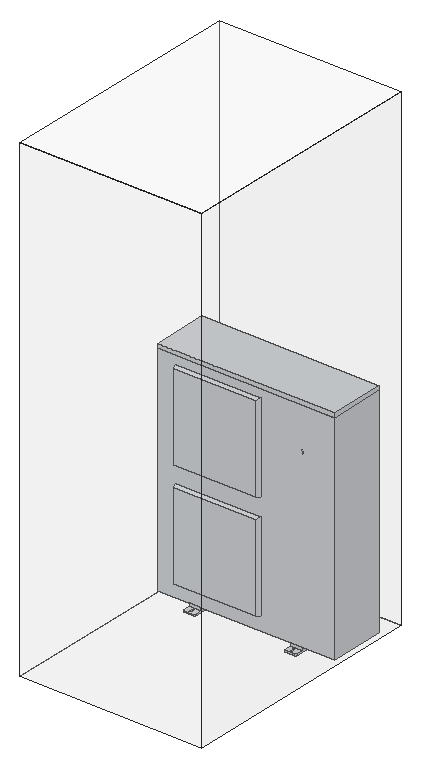
Revit family "pumy-frp80_280hm_50hz", category 機械設備, Revit 2019 (continued)
Definition of nested family "pumy3"
  Dimensions and locks
    aligned and locked: Blend 4 sketch curve to plane 41
    aligned and locked: Blend 4 sketch curve to plane 40
    aligned and locked: Blend 4 sketch curve to plane 46
    aligned and locked: Blend 4 sketch curve to plane 44
    aligned and locked: Blend 4 sketch curve to plane 45
    aligned and locked: Blend 4 sketch curve to plane 47
    aligned and locked: Blend 4 to plane 8
    aligned and locked: plane 37 to Blend 4
    aligned and locked: curve 17 to plane 48
    aligned and locked: curve 1 to plane 48
    aligned and locked: plane 48 to curve 19
    aligned and locked: curve 18 to plane 49
    aligned and locked: plane 49 to curve 2
    aligned and locked: plane 49 to curve 20
    aligned and locked: Blend 5 sketch curve to plane 63
    aligned and locked: Blend 5 sketch curve to plane 64
    aligned and locked: Blend 5 sketch curve to plane 41
    aligned and locked: Blend 5 sketch curve to plane 40
    aligned and locked: plane 44 to Blend 5 sketch curve
    aligned and locked: Blend 5 sketch curve to plane 45
    aligned and locked: Blend 5 sketch curve to plane 65
    aligned and locked: plane 66 to Blend 5 sketch curve
    aligned and locked: Blend 5 to plane 8
    aligned and locked: plane 37 to Blend 5
    aligned and locked: plane 22 to Extrusion 6 sketch curve
    aligned and locked: plane 21 to Extrusion 6 sketch curve
    aligned and locked: Extrusion 6 sketch curve to Extrusion 1  (x4)
    aligned and locked: Extrusion 6 sketch curve to plane 20
    aligned and locked: plane 23 to Extrusion 6
    aligned and locked: Extrusion 6 to level
    aligned and locked: plane 24 to Extrusion 7
    aligned and locked: Extrusion 7 to plane 25
    aligned and locked: Masking region 1 sketch curve to Extrusion 3  (x4)
    aligned and locked: Masking region 1 sketch curve to cut or joined group of Extrusion 1, Extrusion 6  (x8)
    aligned and locked: Masking region 1 sketch curve to Blend 5  (x3)
    aligned and locked: plane 50 to Extrusion 7 sketch curve
    aligned and locked: plane 51 to Extrusion 7 sketch curve
    aligned and locked: plane 68 to Extrusion 7 sketch curve
    aligned and locked: plane 69 to Extrusion 7 sketch curve
    aligned and locked: plane 70 to Extrusion 7 sketch curve
    aligned and locked: plane 71 to Extrusion 7 sketch curve
    aligned and locked: plane 67 to Extrusion 7 sketch curve  (x4)
  Automatic sketch dimensions
    plane 7 to Extrusion 1 sketch curve = 0 mm  (x2)
    Extrusion 1 sketch curve to plane 18 = 0 mm
    plane 8 to Extrusion 1 sketch curve = 0 mm  (x2)
    Extrusion 1 sketch curve to plane 19 = 0 mm
    Extrusion 1 sketch curve to plane 20 = 0 mm
    Extrusion 1 sketch curve to plane 21 = 0 mm
    curve 187 to curve 188 = 40 mm
    curve 186 to curve 190 = 13.333 mm
    curve 190 to curve 190 = 40 mm
    curve 186 to curve 193 = 0 mm
    curve 186 to curve 188 = 40 mm
    curve 188 to curve 191 = 0 mm
    curve 179 to curve 180 = 40 mm
    curve 178 to curve 182 = 120 mm
    curve 182 to curve 182 = 40 mm
    curve 178 to curve 185 = 0 mm
    curve 178 to curve 180 = 40 mm
    curve 182 to curve 183 = 40 mm
    curve 25 to plane 44 = 0 mm
    curve 24 to plane 44 = 0 mm
    curve 22 to plane 44 = 0 mm
    curve 23 to plane 44 = 0 mm
    curve 26 to plane 44 = 0 mm
    curve 21 to plane 44 = 0 mm
    curve 24 to plane 45 = 0 mm
    curve 25 to plane 45 = 0 mm
    curve 26 to plane 45 = 0 mm
    curve 23 to plane 45 = 0 mm
    curve 22 to plane 45 = 0 mm
    curve 21 to plane 45 = 0 mm
    curve 37 to plane 47 = 0 mm
    curve 52 to plane 47 = 0 mm
    curve 51 to plane 47 = 0 mm
    curve 50 to plane 47 = 0 mm
    curve 49 to plane 47 = 0 mm
    curve 48 to plane 47 = 0 mm
    curve 47 to plane 47 = 0 mm
    curve 46 to plane 47 = 0 mm
    curve 45 to plane 47 = 0 mm
    curve 44 to plane 47 = 0 mm
    curve 43 to plane 47 = 0 mm
    curve 42 to plane 47 = 0 mm
    curve 41 to plane 47 = 0 mm
    curve 27 to plane 47 = 0 mm
    curve 28 to plane 47 = 0 mm
    curve 40 to plane 47 = 0 mm
    curve 39 to plane 47 = 0 mm
    curve 29 to plane 47 = 0 mm
    curve 38 to plane 47 = 0 mm
    curve 30 to plane 47 = 0 mm
    curve 53 to plane 47 = 0 mm
    curve 31 to plane 47 = 0 mm
    curve 36 to plane 47 = 0 mm
    curve 32 to plane 47 = 0 mm
    curve 35 to plane 47 = 0 mm
    curve 33 to plane 47 = 0 mm
    curve 34 to plane 47 = 0 mm
    curve 28 to plane 46 = 0 mm
    curve 41 to plane 46 = 0 mm
    curve 27 to plane 46 = 0 mm
    curve 42 to plane 46 = 0 mm
    curve 31 to plane 46 = 0 mm
    curve 40 to plane 46 = 0 mm
    curve 37 to plane 46 = 0 mm
    curve 39 to plane 46 = 0 mm
    curve 32 to plane 46 = 0 mm
    curve 45 to plane 46 = 0 mm
    curve 36 to plane 46 = 0 mm
    curve 46 to plane 46 = 0 mm
    curve 43 to plane 46 = 0 mm
    curve 47 to plane 46 = 0 mm
    curve 29 to plane 46 = 0 mm
    curve 48 to plane 46 = 0 mm
    curve 30 to plane 46 = 0 mm
    curve 49 to plane 46 = 0 mm
    curve 44 to plane 46 = 0 mm
    curve 50 to plane 46 = 0 mm
    curve 33 to plane 46 = 0 mm
    curve 51 to plane 46 = 0 mm
    curve 35 to plane 46 = 0 mm
    curve 52 to plane 46 = 0 mm
    curve 38 to plane 46 = 0 mm
    curve 53 to plane 46 = 0 mm
    curve 34 to plane 46 = 0 mm
    plane 13 to curve 304 = 138 mm
    curve 304 to plane 45 = 0 mm
    curve 307 to plane 44 = 0 mm
    curve 306 to plane 44 = 0 mm
    curve 303 to plane 44 = 0 mm
    curve 308 to plane 44 = 0 mm
    curve 303 to plane 45 = 0 mm
    curve 306 to plane 45 = 0 mm
    curve 307 to plane 45 = 0 mm
    curve 308 to plane 45 = 0 mm
    curve 309 to plane 44 = 0 mm
    curve 309 to plane 45 = 0 mm
    curve 305 to plane 66 = 0 mm
    curve 305 to plane 65 = 0 mm
    curve 310 to plane 66 = 0 mm
    curve 310 to plane 65 = 0 mm
    curve 311 to plane 65 = 0 mm
    curve 311 to plane 66 = 0 mm
    curve 312 to plane 66 = 0 mm
    curve 312 to plane 65 = 0 mm
    curve 313 to plane 66 = 0 mm
    curve 313 to plane 65 = 0 mm
    curve 314 to plane 65 = 0 mm
    curve 314 to plane 66 = 0 mm
    curve 315 to plane 66 = 0 mm
    curve 315 to plane 65 = 0 mm
    curve 316 to plane 65 = 0 mm
    curve 316 to plane 66 = 0 mm
    curve 317 to plane 66 = 0 mm
    curve 317 to plane 65 = 0 mm
    curve 318 to plane 66 = 0 mm
    curve 318 to plane 65 = 0 mm
    curve 319 to plane 66 = 0 mm
    curve 319 to plane 65 = 0 mm
    curve 320 to plane 66 = 0 mm
    curve 320 to plane 65 = 0 mm
    curve 321 to plane 66 = 0 mm
    curve 321 to plane 65 = 0 mm
    curve 322 to plane 65 = 0 mm
    curve 322 to plane 66 = 0 mm
    curve 323 to plane 65 = 0 mm
    curve 323 to plane 66 = 0 mm
    curve 324 to plane 65 = 0 mm
    curve 324 to plane 66 = 0 mm
    curve 325 to plane 66 = 0 mm
    curve 325 to plane 65 = 0 mm
    curve 326 to plane 66 = 0 mm
    curve 326 to plane 65 = 0 mm
    curve 327 to plane 66 = 0 mm
    curve 327 to plane 65 = 0 mm
    curve 328 to plane 66 = 0 mm
    curve 328 to plane 65 = 0 mm
    curve 329 to plane 66 = 0 mm
    curve 329 to plane 65 = 0 mm
    curve 330 to plane 66 = 0 mm
    curve 330 to plane 65 = 0 mm
    curve 331 to plane 66 = 0 mm
    curve 331 to plane 65 = 0 mm
    curve 332 to plane 65 = 0 mm
    curve 332 to plane 66 = 0 mm
    curve 333 to plane 66 = 0 mm
    curve 333 to plane 65 = 0 mm
    curve 334 to plane 65 = 0 mm
    curve 334 to plane 66 = 0 mm
    curve 335 to plane 66 = 0 mm
    curve 335 to plane 65 = 0 mm
    Extrusion 6 sketch curve to plane 18 = 0 mm  (x2)
    plane 8 to Extrusion 6 sketch curve = 0 mm
    plane 22 to Extrusion 6 sketch curve = 0 mm  (x3)
    plane 16 to Extrusion 6 sketch curve = 0 mm  (x3)
    plane 17 to Extrusion 6 sketch curve = 0 mm  (x3)
    Extrusion 6 sketch curve to plane 15 = 0 mm  (x2)
    Extrusion 6 sketch curve to plane 19 = 0 mm  (x2)
    Extrusion 6 sketch curve to plane 14 = 0 mm  (x2)
    plane 7 to Extrusion 6 sketch curve = 0 mm
    Extrusion 6 sketch curve to plane 18 = 5 mm
    plane 15 to Extrusion 6 sketch curve = 6 mm  (x2)
    plane 19 to Extrusion 6 sketch curve = 5 mm
    Extrusion 6 sketch curve to plane 20 = 5 mm
    plane 14 to Extrusion 6 sketch curve = 6 mm  (x2)
    plane 21 to Extrusion 6 sketch curve = 5 mm
    plane 37 to Extrusion 6 sketch curve = 10 mm  (x2)
    plane 19 to Masking region 1 sketch curve = 0 mm
    plane 21 to Masking region 1 sketch curve = 0 mm
    plane 7 to Masking region 1 sketch curve = 0 mm  (x2)
    Masking region 1 sketch curve to plane 20 = 0 mm
    Masking region 1 sketch curve to plane 18 = 0 mm
    plane 8 to Masking region 1 sketch curve = 0 mm  (x2)
    plane 37 to Masking region 1 sketch curve = 0 mm
    curve 352 to plane 6 = 0 mm
    plane 7 to curve 352 = 0 mm
    curve 353 to plane 18 = 0 mm
    curve 348 to plane 18 = 0 mm
    plane 8 to curve 346 = 0 mm
    curve 354 to plane 19 = 0 mm
    curve 347 to plane 19 = 0 mm
    curve 345 to plane 40 = 0 mm
    plane 37 to curve 344 = 0 mm
    curve 344 to plane 45 = 0 mm
    curve 357 to plane 20 = 0 mm
    curve 343 to plane 20 = 0 mm
    curve 358 to plane 21 = 0 mm
    curve 341 to plane 21 = 0 mm
    curve 339 to plane 44 = 0 mm
    curve 339 to plane 41 = 0 mm
    curve 337 to plane 5 = 0 mm
    plane 22 to curve 354 = 0 mm
    plane 22 to curve 358 = 0 mm
    plane 18 to curve 352 = 28.157 mm
    plane 15 to curve 346 = 0.043 mm
    plane 21 to curve 338 = 11.963 mm
    curve 336 to plane 21 = 9.073 mm
    curve 344 to plane 21 = 22.105 mm
    plane 27 to curve 3 = 5 mm
    curve 3 to plane 44 = 38 mm
    curve 1 to plane 44 = 38 mm
    curve 3 to curve 5 = 0 mm
    curve 4 to plane 28 = 5 mm
    curve 2 to curve 16 = 15 mm
    plane 50 to curve 15 = 5 mm
    curve 341 to curve 342 = 23 mm
    plane 37 to curve 347 = 23 mm
    plane 37 to Extrusion 6 sketch curve = 18 mm  (x2)
    curve 20 to curve 14 = 17.5 mm
    curve 20 to plane 6 = 46 mm
    curve 12 to curve 6 = 0 mm
    curve 372 to curve 5 = 0 mm
    curve 11 to plane 6 = 78.5 mm
Definition of nested family "固定点"
  Parameters (values of type "固定点")
    中心円 = if(W > 599 mm, 12 mm, 10 mm)  # 12 mm
    W = 1000 mm
    D = 1000 mm
  Reference planes
    plane 1 "中心(正面/背面)": y = 0
    plane 2: z = 0
    plane 3 "中心(左/右)": x = 0
    plane 4: x = 1000
    plane 5: y = 1000
  Lines and regions (mm)
    symbolic lines, detail levels fine
      curve 1: circle (0, 1000, 0) r 6 normal (0, 0, 1)
      curve 2: circle (0, 0, 0) r 6 normal (0, 0, 1)
      curve 3: circle (1000, 1000, 0) r 6 normal (0, 0, 1)
      curve 4: circle (1000, 0, 0) r 6 normal (0, 0, 1)
      curve 5: line (-200, 1000, 0) -> (1200, 1000, 0)
      curve 6: line (-200, 0, 0) -> (1200, 0, 0)
      curve 7: line (0, 1200, 0) -> (0, -200, 0)
      curve 8: line (1000, 1200, 0) -> (1000, -200, 0)
  Dimensions and locks
    "W": plane 3 "中心(左/右)" to plane 4
    "D": plane 1 "中心(正面/背面)" to plane 5
    "中心円": diameter of curve 1
    "中心円": diameter of curve 2
    "中心円": diameter of curve 3
    "中心円": diameter of curve 4
    aligned and locked: level to plane 2
    aligned and locked: plane 5 to curve 1
    aligned and locked: plane 3 "中心(左/右)" to curve 1
    aligned and locked: plane 3 "中心(左/右)" to curve 2
    aligned and locked: plane 1 "中心(正面/背面)" to curve 2
    aligned and locked: plane 4 to curve 3
    aligned and locked: plane 5 to curve 3
    aligned and locked: plane 1 "中心(正面/背面)" to curve 4
    aligned and locked: plane 4 to curve 4
    aligned and locked: plane 1 "中心(正面/背面)" to curve 6
    aligned and locked: curve 7 to plane 3 "中心(左/右)"
    aligned and locked: curve 8 to plane 4
  Automatic sketch dimensions
    curve 5 to plane 5 = 0 mm
    curve 6 to plane 3 "中心(左/右)" = 200 mm
    curve 5 to plane 3 "中心(左/右)" = 200 mm
    curve 4 to curve 6 = 200 mm
    curve 3 to curve 5 = 200 mm
    plane 1 "中心(正面/背面)" to curve 8 = 200 mm
    plane 1 "中心(正面/背面)" to curve 7 = 200 mm
    curve 3 to curve 8 = 200 mm
    curve 1 to curve 7 = 200 mm
Types (27, lengths in mm): name | 運転音_冷房  db | 音響パワーレベル(dB) | 電源位置Z | 電動機出力_送風機 | 電動機出力_圧縮機 | 運転音_暖房  db | 質量 | 製品質量 | 相 | 消費電力_暖房 | 消費電力_冷房 | 消費電力 | 構成品番 | 極数 | 最小電線太さ_mm2 | 最大電流値 | 暖房能力 | 推奨ブレーカー容量 | 冷媒管（液）位置Z | 冷媒管位置Z_上面 | 冷媒管（ガス）位置Z | 冷媒ガス管_半径 | 冷房能力 | 冷媒管径符号 | 冷媒管位置Z | 冷媒ガス管径 | COP_暖房 | COP_冷房 | COP
  室外機_PUMY-FRP112HM | 70 | 70 | 1062 | 0.12 kW | 2.35 kW | 70 | 146.40 kg | 122.00 kg | 3 | 2.81 kW | 2.42 kW | 2.81 kW | "PUMY-FRP112HM" | 3 | 3.5 | 17.5 A | 11.2 kW | 30 A | 485 | 565 | 420 | 7.94 | 10 kW | "Bd" | 420 | 15.88 | 3.98 | 4.13 | 4.055
  室外機_PUMY-FRP140HM | 73 | 73 | 1062 | 0.12 kW | 3.05 kW | 73 | 146.40 kg | 122.00 kg | 3 | 3.66 kW | 3.34 kW | 3.66 kW | "PUMY-FRP140HM" | 3 | 5.5 | 24.5 A | 14 kW | 30 A | 485 | 565 | 420 | 7.94 | 12.5 kW | "Bd" | 420 | 15.88 | 3.82 | 3.74 | 3.78
  室外機_PUMY-FRP160HM | 74 | 74 | 1062 | 0.12 kW | 3.52 kW | 74 | 146.40 kg | 122.00 kg | 3 | 4.07 kW | 3.57 kW | 4.07 kW | "PUMY-FRP160HM" | 3 | 5.5 | 25 A | 16 kW | 30 A | 485 | 565 | 420 | 7.94 | 14 kW | "Bd" | 422 | 15.88 | 3.93 | 3.92 | 3.925
  室外機_PUMY-FRP224HM | 80 | 80 | 1051 | 0.3 kW | 4.39 kW | 80 | 166.80 kg | 139.00 kg | 3 | 4.93 kW | 5.64 kW | 5.64 kW | "PUMY-FRP224HM" | 3 | 8 | 36 A | 22.4 kW | 40 A | 450 | 530 | 293 | 12.7 | 20 kW | "Bg" | 293 | 25.40 | 4.54 | 3.54 | 4.04
  室外機_PUMY-FRP80SHM | 70 | 70 | 985 | 0.12 kW | 1.7 kW | 70 | 147.60 kg | 123.00 kg | 1 | 1.68 kW | 1.48 kW | 1.68 kW | "PUMY-FRP80SHM" | 1 | 5.5 | 27.5 A | 8 kW | 30 A | 485 | 565 | 420 | 7.94 | 7.1 kW | "Bd" | 420 | 15.88 | 4.76 | 4.79 | 4.775
  室外機_PUMY-FRP80HM | 70 | 70 | 1062 | 0.12 kW | 1.7 kW | 70 | 146.40 kg | 122.00 kg | 3 | 1.66 kW | 1.47 kW | 1.66 kW | "PUMY-FRP80HM" | 3 | 3.5 | 17.5 A | 8 kW | 30 A | 485 | 565 | 420 | 7.94 | 7.1 kW | "Bd" | 420 | 15.88 | 4.81 | 4.82 | 4.815
  室外機_PUMY-FRP280HM | 82 | 82 | 1051 | 0.4 kW | 6.19 kW | 82 | 166.80 kg | 139.00 kg | 3 | 7.18 kW | 9.45 kW | 9.45 kW | "PUMY-FRP280HM" | 3 | 14 | 39 A | 28 kW | 50 A | 450 | 530 | 293 | 12.7 | 25 kW | "Bg" | 293 | 25.40 | 3.89 | 2.64 | 3.265
  室外機_PUMY-FRP112SHM | 70 | 70 | 985 | 0.12 kW | 2.35 kW | 70 | 147.60 kg | 123.00 kg | 1 | 2.87 kW | 2.47 kW | 2.87 kW | "PUMY-FRP112SHM" | 1 | 5.5 | 27.5 A | 11.2 kW | 30 A | 485 | 565 | 420 | 7.94 | 10 kW | "Bd" | 420 | 15.88 | 3.9 | 4.04 | 3.97
  室外機_PUMY-FRP140SHM-BS | 73 | 73 | 985 | 0.12 kW | 3.05 kW | 73 | 147.60 kg | 123.00 kg | 1 | 3.8 kW | 3.47 kW | 3.8 kW | "PUMY-FRP140SHM-BS" | 1 | 5.5 | 28.5 A | 14 kW | 30 A | 485 | 565 | 420 | 7.94 | 12.5 kW | "Bd" | 420 | 15.88 | 3.68 | 3.6 | 3.64
  室外機_PUMY-FRP280HM-BS | 82 | 82 | 1051 | 0.4 kW | 6.19 kW | 82 | 166.80 kg | 139.00 kg | 3 | 7.18 kW | 9.45 kW | 9.45 kW | "PUMY-FRP280HM-BS" | 3 | 14 | 39 A | 28 kW | 50 A | 450 | 530 | 293 | 12.7 | 25 kW | "Bg" | 293 | 25.40 | 3.89 | 2.64 | 3.265
  室外機_PUMY-FRP280HM-BSG | 82 | 82 | 1051 | 0.4 kW | 6.19 kW | 82 | 166.80 kg | 139.00 kg | 3 | 7.18 kW | 9.45 kW | 9.45 kW | "PUMY-FRP280HM-BSG" | 3 | 14 | 39 A | 28 kW | 50 A | 450 | 530 | 293 | 12.7 | 25 kW | "Bg" | 293 | 25.40 | 3.89 | 2.64 | 3.265
  室外機_PUMY-FRP80HM-BS | 70 | 70 | 1062 | 0.12 kW | 1.7 kW | 70 | 146.40 kg | 122.00 kg | 3 | 1.66 kW | 1.47 kW | 1.66 kW | "PUMY-FRP80HM-BS" | 3 | 3.5 | 17.5 A | 8 kW | 30 A | 485 | 565 | 420 | 7.94 | 7.1 kW | "Bd" | 420 | 15.88 | 4.81 | 4.82 | 4.815
  室外機_PUMY-FRP80HM-BSG | 70 | 70 | 1062 | 0.12 kW | 1.7 kW | 70 | 146.40 kg | 122.00 kg | 3 | 1.66 kW | 1.47 kW | 1.66 kW | "PUMY-FRP80HM-BSG" | 3 | 3.5 | 17.5 A | 8 kW | 30 A | 485 | 565 | 420 | 7.94 | 7.1 kW | "Bd" | 420 | 15.88 | 4.81 | 4.82 | 4.815
  室外機_PUMY-FRP80SHM-BS | 70 | 70 | 985 | 0.12 kW | 1.7 kW | 70 | 147.60 kg | 123.00 kg | 1 | 1.68 kW | 1.48 kW | 1.68 kW | "PUMY-FRP80SHM-BS" | 1 | 5.5 | 27.5 A | 8 kW | 30 A | 485 | 565 | 420 | 7.94 | 7.1 kW | "Bd" | 420 | 15.88 | 4.76 | 4.79 | 4.775
  室外機_PUMY-FRP80SHM-BSG | 70 | 70 | 985 | 0.12 kW | 1.7 kW | 70 | 147.60 kg | 123.00 kg | 1 | 1.68 kW | 1.48 kW | 1.68 kW | "PUMY-FRP80SHM-BSG" | 1 | 5.5 | 27.5 A | 8 kW | 30 A | 485 | 565 | 420 | 7.94 | 7.1 kW | "Bd" | 420 | 15.88 | 4.76 | 4.79 | 4.775
  室外機_PUMY-FRP112HM-BS | 70 | 70 | 1062 | 0.12 kW | 2.35 kW | 70 | 146.40 kg | 122.00 kg | 3 | 2.81 kW | 2.42 kW | 2.81 kW | "PUMY-FRP112HM-BS" | 3 | 3.5 | 17.5 A | 11.2 kW | 30 A | 485 | 565 | 420 | 7.94 | 10 kW | "Bd" | 420 | 15.88 | 3.98 | 4.13 | 4.055
  室外機_PUMY-FRP112HM-BSG | 70 | 70 | 1062 | 0.12 kW | 2.35 kW | 70 | 146.40 kg | 122.00 kg | 3 | 2.81 kW | 2.42 kW | 2.81 kW | "PUMY-FRP112HM-BSG" | 3 | 3.5 | 17.5 A | 11.2 kW | 30 A | 485 | 565 | 420 | 7.94 | 10 kW | "Bd" | 420 | 15.88 | 3.98 | 4.13 | 4.055
  室外機_PUMY-FRP112SHM-BS | 70 | 70 | 985 | 0.12 kW | 2.35 kW | 70 | 147.60 kg | 123.00 kg | 1 | 2.87 kW | 2.47 kW | 2.87 kW | "PUMY-FRP112SHM-BS" | 1 | 5.5 | 27.5 A | 11.2 kW | 30 A | 485 | 565 | 420 | 7.94 | 10 kW | "Bd" | 420 | 15.88 | 3.9 | 4.04 | 3.97
  室外機_PUMY-FRP112SHM-BSG | 70 | 70 | 985 | 0.12 kW | 2.35 kW | 70 | 147.60 kg | 123.00 kg | 1 | 2.87 kW | 2.47 kW | 2.87 kW | "PUMY-FRP112SHM-BSG" | 1 | 5.5 | 27.5 A | 11.2 kW | 30 A | 485 | 565 | 420 | 7.94 | 10 kW | "Bd" | 420 | 15.88 | 3.9 | 4.04 | 3.97
  室外機_PUMY-FRP140HM-BS | 73 | 73 | 1062 | 0.12 kW | 3.05 kW | 73 | 146.40 kg | 122.00 kg | 3 | 3.66 kW | 3.34 kW | 3.66 kW | "PUMY-FRP140HM-BS" | 3 | 5.5 | 24.5 A | 14 kW | 30 A | 485 | 565 | 420 | 7.94 | 12.5 kW | "Bd" | 420 | 15.88 | 3.82 | 3.74 | 3.78
  室外機_PUMY-FRP140HM-BSG | 73 | 73 | 1062 | 0.12 kW | 3.05 kW | 73 | 146.40 kg | 122.00 kg | 3 | 3.66 kW | 3.34 kW | 3.66 kW | "PUMY-FRP140HM-BSG" | 3 | 5.5 | 24.5 A | 14 kW | 30 A | 485 | 565 | 420 | 7.94 | 12.5 kW | "Bd" | 420 | 15.88 | 3.82 | 3.74 | 3.78
  室外機_PUMY-FRP140SHM-BSG | 73 | 73 | 985 | 0.12 kW | 3.05 kW | 73 | 147.60 kg | 123.00 kg | 1 | 3.8 kW | 3.47 kW | 3.8 kW | "PUMY-FRP140SHM-BSG" | 1 | 5.5 | 28.5 A | 14 kW | 30 A | 485 | 565 | 420 | 7.94 | 12.5 kW | "Bd" | 420 | 15.88 | 3.68 | 3.6 | 3.64
  室外機_PUMY-FRP160HM-BS | 74 | 74 | 1062 | 0.12 kW | 3.52 kW | 74 | 146.40 kg | 122.00 kg | 3 | 4.07 kW | 3.57 kW | 4.07 kW | "PUMY-FRP160HM-BS" | 3 | 5.5 | 25 A | 16 kW | 30 A | 485 | 565 | 420 | 7.94 | 14 kW | "Bd" | 422 | 15.88 | 3.93 | 3.92 | 3.925
  室外機_PUMY-FRP160HM-BSG | 74 | 74 | 1062 | 0.12 kW | 3.52 kW | 74 | 146.40 kg | 122.00 kg | 3 | 4.07 kW | 3.57 kW | 4.07 kW | "PUMY-FRP160HM-BSG" | 3 | 5.5 | 25 A | 16 kW | 30 A | 485 | 565 | 420 | 7.94 | 14 kW | "Bd" | 422 | 15.88 | 3.93 | 3.92 | 3.925
  室外機_PUMY-FRP224HM-BS | 80 | 80 | 1051 | 0.3 kW | 4.39 kW | 80 | 166.80 kg | 139.00 kg | 3 | 4.93 kW | 5.64 kW | 5.64 kW | "PUMY-FRP224HM-BS" | 3 | 8 | 36 A | 22.4 kW | 40 A | 450 | 530 | 293 | 12.7 | 20 kW | "Bg" | 293 | 25.40 | 4.54 | 3.54 | 4.04
  室外機_PUMY-FRP224HM-BSG | 80 | 80 | 1051 | 0.3 kW | 4.39 kW | 80 | 166.80 kg | 139.00 kg | 3 | 4.93 kW | 5.64 kW | 5.64 kW | "PUMY-FRP224HM-BSG" | 3 | 8 | 36 A | 22.4 kW | 40 A | 450 | 530 | 293 | 12.7 | 20 kW | "Bg" | 293 | 25.40 | 4.54 | 3.54 | 4.04
  室外機_PUMY-FRP140SHM | 73 | 73 | 985 | 0.12 kW | 3.05 kW | 73 | 147.60 kg | 123.00 kg | 1 | 3.8 kW | 3.47 kW | 3.8 kW | "PUMY-FRP140SHM" | 1 | 5.5 | 28.5 A | 14 kW | 30 A | 485 | 565 | 420 | 7.94 | 12.5 kW | "Bd" | 420 | 15.88 | 3.68 | 3.6 | 3.64
